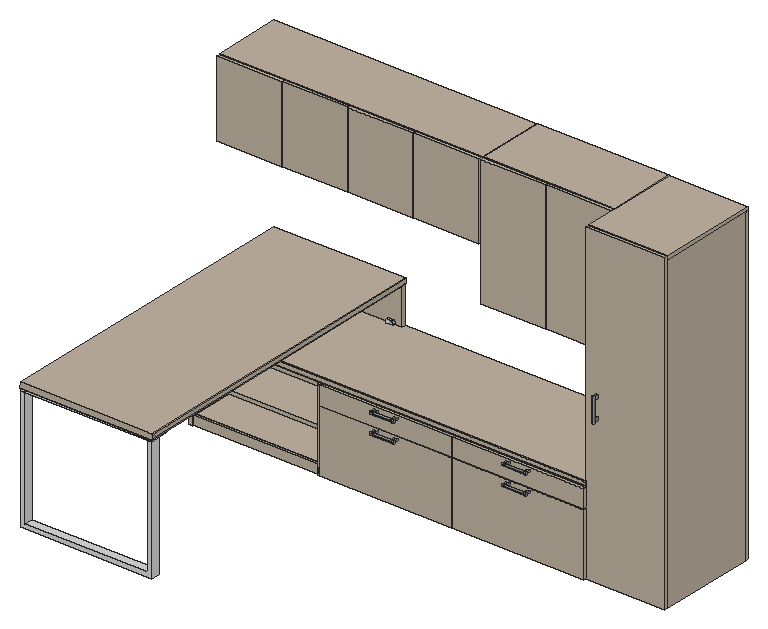
Revit family "JSI-Vision-Typical_Laminate-VST107", category Furniture, Revit 2020 (continued)
Definition of nested family "JSI-Vision-Rectangle_Desk_Top"
  Automatic sketch dimensions
    Extrusion 1 sketch curve to plane 7 = 0"
    Extrusion 1 sketch curve to plane 1 "Center Front/Back" = 0"
    Extrusion 1 sketch curve to Extrusion 1 sketch curve = 0.11811"
    plane 6 to Extrusion 1 sketch curve = 0.11811"
Definition of nested family "JSI-Vision-Open_Shelf_Modular_Bench_Pedestal"
  Parameters (values of type "Type Catalog")
    Width = 18"
    URL = "www.jsifurniture.com"
    Top = none
    Tag = "OS"
    Series = "Vision Casegoods"  # constant formula
    Model = "Type Catalog"
    Manufacturer = "JSI"  # constant formula
    Keynote = "12500"
    JSI Enviromental Website = "http://www.jsifurniture.com/jsi_sustainability_intro.php"
    Height = 18 3/4"
    Description = "Type Catalog"
    Depth = 18"
    Default Elevation = 0"
    Chassis = none
    Assembly Code = "E2020200"
  Reference planes (in)
    plane 1 "Center Front/Back": y = 0
    plane 2: z = 0
    plane 3 "Center Left/Right": x = 0
    plane 4: x = 18
    plane 5: x = 0.18716
    plane 6: x = 17.81244
    plane 7: z = 9.375
    plane 8: x = 0.75
    plane 9: x = 17.126
    plane 10: y = -0.8125
    plane 11: y = -17.25
    plane 12: x = 9
    plane 13: z = 18.8591
    plane 14: z = 18.75
    plane 15: z = 8.625
    plane 16: z = 1.9375
    plane 17: z = 1.1875
    plane 18: y = -17.875
    plane 19: y = -16.25
    plane 20: y = -17
    plane 21: y = -18
    plane 22: z = 18.1091
  Forms (in)
    Extrusion 1, solid, material <- "Chassis"
      sketch origin (0.125, -0.1875, 48) x (0, 1, 0) y (0, 0, 1)
        loop
          line (0.1875, -29.1409) -> (-17.0625, -29.1409) -> (-17.0625, -48) -> (0.1875, -48) -> (0.1875, -29.1409)
      from -0.125 to 0.625
    Extrusion 2, solid, material <- "Chassis"
      sketch origin (29.875, -0.1875, 48) x (0, 1, 0) y (0, 0, 1)
        loop
          line (0.1875, -29.1409) -> (-17.0625, -29.1409) -> (-17.0625, -48) -> (0.1875, -48) -> (0.1875, -29.1409)
      from -12.749 to -11.875
    Extrusion 3, solid, material <- "Chassis"
      sketch origin (0, 0, 0) x (1, 0, 0) y (0, 1, 0)
        loop
          line (0.75, -16.25) -> (0.75, -17) -> (17.126, -17) -> (17.126, -16.25) -> (0.75, -16.25)
      from 0 to 1.9375
    Extrusion 4, solid, material <- "Chassis"
      sketch origin (0, 0, 0) x (0, 1, 0) y (0, 0, 1)
        loop
          line (-16.25, 9.375) -> (-16.25, 8.625) -> (-0.25, 8.625) -> (-0.25, 9.375) -> (-16.25, 9.375)
        loop
          line (0, 18.1091) -> (0, 18.8591) -> (-17.25, 18.8591) -> (-17.25, 18.1091) -> (0, 18.1091)
        loop
          line (0, 1.1875) -> (0, 1.9375) -> (-16.25, 1.9375) -> (-16.25, 1.1875) -> (0, 1.1875)
      from 0.75 to 17.126
    Extrusion 5, solid, material <- "Chassis"
      sketch origin (0, 0, 0) x (0, 1, 0) y (0, 0, 1)
        loop
          line (0, 18.1091) -> (-0.25, 18.1091) -> (-0.25, 1.9375) -> (0, 1.9375) -> (0, 18.1091)
      from 0.75 to 17.126
  Lines and regions (in)
    symbolic lines
      curve 1: line (0, -17.875, 0) -> (0, 0, 0)
      curve 2: line (18, -17.875, 0) -> (0, -17.875, 0)
      curve 3: line (18, 0, 0) -> (18, -17.875, 0)
    symbolic lines, detail levels medium+fine
      curve 4: line (0, 0, 0) -> (18, 0, 0)
  Dimensions and locks (in)
    locked: plane 14 to plane 13 at 0.1091
    plane 9 to plane 6 to plane 4 = 0.68644" locked, 0.18756" locked
    plane 3 "Center Left/Right" to plane 5 to plane 8 = 0.18716" locked, 0.56284" locked
    "Width": plane 3 "Center Left/Right" to plane 4
    equal spacing: plane 3 "Center Left/Right", plane 12, plane 4
    locked: plane 1 "Center Front/Back" to plane 10 at 0.8125
    plane 16 to plane 17 to level = 3/4" locked, 1 3/16" locked
    plane 19 to plane 20 to plane 11 to plane 18 to plane 21 = 3/4" locked, 1/4" locked, 5/8" locked, 1/8" locked
    "Depth": plane 1 "Center Front/Back" to plane 21
    locked: plane 13 to plane 22 at 0.75
    "Height": level to plane 14
    locked: plane 1 "Center Front/Back" to Extrusion 5 sketch curve at 0.25
    locked: plane 1 "Center Front/Back" to Extrusion 4 sketch curve at 0.25
    aligned and locked: level to plane 2
    aligned and locked: Extrusion 1 sketch curve to level
    aligned and locked: level to Extrusion 2 sketch curve
    aligned and locked: plane 8 to Extrusion 3 sketch curve
    aligned and locked: plane 12 to nested 1
    aligned and locked: plane 3 "Center Left/Right" to curve 1
    aligned and locked: curve 3 to plane 4
    aligned and locked: plane 7 to Extrusion 4 sketch curve
    aligned and locked: Extrusion 4 sketch curve to plane 15
    aligned and locked: Extrusion 4 to plane 8
    aligned and locked: plane 9 to Extrusion 4
    aligned and locked: plane 19 to Extrusion 3
    aligned and locked: Extrusion 3 to plane 20
    aligned and locked: Extrusion 4 to plane 19
    aligned and locked: plane 13 to Extrusion 4 sketch curve
    aligned and locked: Extrusion 4 sketch curve to plane 11
    aligned and locked: plane 16 to Extrusion 4 sketch curve
    aligned and locked: Extrusion 4 sketch curve to plane 17
    aligned and locked: Extrusion 4 sketch curve to plane 19
    aligned and locked: plane 18 to curve 2
    aligned and locked: nested 1 to plane 21
    aligned and locked: Extrusion 4 to plane 22
    aligned and locked: Extrusion 1 to plane 1 "Center Front/Back"
    aligned and locked: Extrusion 2 to plane 1 "Center Front/Back"
    aligned and locked: Extrusion 4 sketch curve to plane 1 "Center Front/Back"  (x2)
    aligned and locked: plane 1 "Center Front/Back" to Extrusion 5 sketch curve
    aligned and locked: plane 16 to Extrusion 5 sketch curve
    aligned and locked: Extrusion 5 sketch curve to plane 22
    aligned and locked: Extrusion 5 to plane 8
    aligned and locked: plane 9 to Extrusion 5
    aligned and locked: plane 1 "Center Front/Back" to curve 4
    aligned and locked: Extrusion 2 to plane 9
    aligned and locked: plane 4 to Extrusion 2
  Automatic sketch dimensions
    Extrusion 3 sketch curve to plane 9 = 0"
    plane 11 to Extrusion 1 sketch curve = 0"
    plane 11 to Extrusion 2 sketch curve = 0"
    plane 18 to Extrusion 3 sketch curve = 7/8"
    plane 11 to Extrusion 3 sketch curve = 1"
    Extrusion 1 sketch curve to plane 13 = 0"
    Extrusion 2 sketch curve to plane 13 = 0"
    plane 10 to Extrusion 1 sketch curve = 13/16"
    plane 10 to Extrusion 2 sketch curve = 13/16"
    Extrusion 4 sketch curve to plane 19 = 0"
    Extrusion 4 sketch curve to plane 22 = 0"
  Nested families (in)
    nested 1: "Label 1-16" at (9, -18, 0), type "DRWCFG"
  Definition of nested family "Label 1-16"
    Parameters
      Width = 1"
      Model Name = "FF"
    Reference planes (in)
      plane 1: y = 0
      plane 2: x = 0
    Text (in)
      label "XX" at (0.00051, -0.12324, 0), shows "Model Name"
Definition of nested family "JSI-Vision-Bench_Height_Modular_Top"
  Parameters (values of type "Type Catalog")
    Worksurface = none
    Width = 42"
    URL = "www.jsifurniture.com"
    Type Comments = ""
    Series = "Vision Casegoods"  # constant formula
    Model = "Type Catalog"
    Material = ""
    Manufacturer = "JSI"  # constant formula
    Keynote = "12500"
    JSI Enviromental Website = "http://www.jsifurniture.com/jsi_sustainability_intro.php"
    Height = 19 1/2"
    Description = "Type Catalog"
    Depth = 30"
    Default Elevation = 0"
    Assembly Code = "E2020200"
  Reference planes (in)
    plane 1 "Center Front/Back": y = 0
    plane 2: z = 0
    plane 3 "Center Left/Right": x = 0
    plane 4: z = 0
    plane 5: x = 42
    plane 6: y = -30
    plane 7: z = 20.6875
    plane 8: z = 19.5
  Forms (in)
    Extrusion 1, solid, material <- "Worksurface"
      sketch origin (0, 0, 28) x (0, 1, 0) y (0, 0, 1)
        loop
          line (-29.88189, -8.5) -> (0, -8.5) -> (0, -7.3125) -> (-29.88189, -7.3125)
          arc (-29.88189, -7.3125) -> (-29.96541, -7.34709) -> (-30, -7.43061) r 0.11811
          line (-30, -7.43061) -> (-30, -8.38189)
          arc (-30, -8.38189) -> (-29.96541, -8.46541) -> (-29.88189, -8.5) r 0.11811
      from 0 to 42
  Lines and regions (in)
    symbolic lines
      curve 1: line (0, 0, 0) -> (42, 0, 0)
      curve 2: line (0, -30, 0) -> (0, 0, 0)
      curve 3: line (42, -30, 0) -> (0, -30, 0)
      curve 4: line (42, 0, 0) -> (42, -30, 0)
  Dimensions and locks (in)
    "Depth": plane 6 to plane 1 "Center Front/Back"
    "Width": plane 5 to plane 3 "Center Left/Right"
    locked: plane 7 to plane 8 at 1.1875
    "Height": plane 8 to level
    aligned and locked: level to plane 2
    aligned and locked: plane 5 to Extrusion 1
    aligned and locked: curve 1 to Extrusion 1
    aligned and locked: curve 2 to Extrusion 1
    aligned and locked: plane 6 to curve 3
    aligned and locked: curve 4 to plane 5
    aligned and locked: Extrusion 1 to plane 8
    aligned and locked: Extrusion 1 to plane 7
  Automatic sketch dimensions
    Extrusion 1 sketch curve to plane 6 = 0"
    level to Extrusion 1 sketch curve = 19 1/2"
    Extrusion 1 sketch curve to plane 7 = 0"
    Extrusion 1 sketch curve to plane 1 "Center Front/Back" = 0"
    Extrusion 1 sketch curve to Extrusion 1 sketch curve = 0.11811"
    plane 6 to Extrusion 1 sketch curve = 0.11811"
Definition of nested family "JSI-Vision-Box_File_Modular_Bench_Pedestal"
  Parameters (values of type "Type Catalog")
    Width = 18"
    URL = "www.jsifurniture.com"
    Top = none
    Tag = "BF"
    Series = "Vision Casegoods"  # constant formula
    Pull Finish = none
    Model = "Type Catalog"
    Manufacturer = "JSI"  # constant formula
    Keynote = "12500"
    JSI Enviromental Website = "http://www.jsifurniture.com/jsi_sustainability_intro.php"
    Height = 18 3/4"
    Description = "Type Catalog"
    Depth = 18"
    Default Elevation = 0"
    Chassis = none
    Drawer Front = none
    Assembly Code = "E2020200"
  Reference planes (in)
    plane 1 "Center Front/Back": y = 0
    plane 2: z = 0
    plane 3 "Center Left/Right": x = 0
    plane 4: x = 18
    plane 5: y = -17.12
    plane 6: y = -17.25
    plane 7: x = 0.0625
    plane 8: x = 17.9375
    plane 9: y = -18
    plane 10: z = 0.14
    plane 11: z = 14.3909
    plane 12: z = 14.5159
    plane 13: x = 0.75
    plane 14: x = 17.25
    plane 15: y = -0.75
    plane 16: y = -16.37913
    plane 17: x = 9
    plane 18: z = 18.75
    plane 19: z = 18.6409
    plane 20: z = 18
  Forms (in)
    Extrusion 1, solid, material <- "Chassis"
      sketch origin (0.125, -0.1875, 48) x (0, 1, 0) y (0, 0, 1)
        loop
          line (-0.5625, -29.25) -> (-16.9325, -29.25) -> (-16.9325, -48) -> (-0.5625, -48) -> (-0.5625, -29.25)
      from -0.125 to 0.625
    Extrusion 2, solid, material <- "Chassis"
      sketch origin (29.875, -0.1875, 48) x (0, 1, 0) y (0, 0, 1)
        loop
          line (-0.5625, -29.25) -> (-16.9325, -29.25) -> (-16.9325, -48) -> (-0.5625, -48) -> (-0.5625, -29.25)
      from -12.625 to -11.875
    Extrusion 3, solid, material <- "Drawer Front"
      sketch origin (0, 0, 0) x (1, 0, 0) y (0, 0, 1)
        loop
          line (0.0625, 18.6409) -> (0.0625, 14.5159) -> (17.9375, 14.5159) -> (17.9375, 18.6409) -> (0.0625, 18.6409)
        loop
          line (0.0625, 14.3909) -> (0.0625, 0.14) -> (17.9375, 0.14) -> (17.9375, 14.3909) -> (0.0625, 14.3909)
      from 17.25 to 18
    Extrusion 4, solid, material <- "Chassis"
      sketch origin (0, 0, 0) x (1, 0, 0) y (0, 1, 0)
        loop
          line (0.75, -16.37913) -> (0.75, -17.12) -> (17.25, -17.12) -> (17.25, -16.37913) -> (0.75, -16.37913)
      from 0 to 1.9375
    Extrusion 5, solid, material <- "Top"
      sketch origin (0, 0, 0) x (0, 1, 0) y (0, 0, 1)
        loop
          line (-1.5, 18.75) -> (-17.12, 18.75) -> (-17.12, 18) -> (-1.5, 18) -> (-1.5, 18.75)
      from 0.75 to 17.25
    Extrusion 6, solid, material <- "Chassis"
      sketch origin (0, 0, 0) x (0, 1, 0) y (0, 0, 1)
        loop
          line (-1.5, 13.75) -> (-0.75, 13.75) -> (-0.75, 18.75) -> (-1.5, 18.75) -> (-1.5, 13.75)
        loop
          line (-1.5, 0) -> (-0.75, 0) -> (-0.75, 5) -> (-1.5, 5) -> (-1.5, 0)
      from 0.75 to 17.25
  Lines and regions (in)
    symbolic lines
      curve 1: line (0, 0, 0) -> (18, 0, 0)
      curve 2: line (0, -17.12, 0) -> (0, 0, 0)
      curve 3: line (18, -17.12, 0) -> (0, -17.12, 0)
      curve 4: line (18, 0, 0) -> (18, -17.12, 0)
      curve 5: line (0.0625, -17.25, 0) -> (17.9375, -17.25, 0)
      curve 6: line (0.0625, -18, 0) -> (0.0625, -17.25, 0)
      curve 7: line (17.9375, -18, 0) -> (0.0625, -18, 0)
      curve 8: line (17.9375, -17.25, 0) -> (17.9375, -18, 0)
  Dimensions and locks (in)
    plane 16 to plane 5 to plane 6 to plane 9 = 0.74087" locked, 0.13" locked, 3/4" locked
    "Depth": plane 1 "Center Front/Back" to plane 9
    locked: plane 19 to plane 18 at 0.1091
    "Width": plane 3 "Center Left/Right" to plane 4
    equal spacing: plane 3 "Center Left/Right", plane 17, plane 4
    plane 1 "Center Front/Back" to plane 15 = 3/4"
    "Height": plane 18 to level
    locked: plane 18 to plane 20 at 0.75
    locked: plane 12 to plane 11 at 0.125
    plane 19 to plane 12 to plane 10 to plane 2 = 4 1/8" locked, 14.3759" locked, 0.14" locked
    plane 3 "Center Left/Right" to plane 7 to plane 13 = 1/16" locked, 11/16" locked
    plane 14 to plane 8 to plane 4 = 11/16" locked, 1/16" locked
    locked: Extrusion 6 sketch curve to plane 2 at 5
    locked: Extrusion 6 sketch curve to plane 18 at 5
    locked: plane 15 to Extrusion 6 sketch curve at 0.75
    locked: Extrusion 3 to nested 2 at 0.75
    locked: Extrusion 3 to nested 1 at 0.75
    aligned and locked: level to plane 2
    aligned and locked: plane 15 to Extrusion 1 sketch curve
    aligned and locked: Extrusion 1 sketch curve to plane 5
    aligned and locked: Extrusion 1 sketch curve to level
    aligned and locked: plane 13 to Extrusion 1
    aligned and locked: Extrusion 2 sketch curve to plane 15
    aligned and locked: level to Extrusion 2 sketch curve
    aligned and locked: plane 5 to Extrusion 2 sketch curve
    aligned and locked: Extrusion 3 sketch curve to plane 7  (x2)
    aligned and locked: plane 8 to Extrusion 3 sketch curve  (x2)
    aligned and locked: plane 12 to Extrusion 3 sketch curve
    aligned and locked: Extrusion 3 sketch curve to plane 11
    aligned and locked: plane 10 to Extrusion 3 sketch curve
    aligned and locked: Extrusion 3 to plane 9
    aligned and locked: plane 6 to Extrusion 3
    aligned and locked: Extrusion 4 sketch curve to plane 16
    aligned and locked: plane 13 to Extrusion 4 sketch curve
    aligned and locked: nested 1 to plane 9
    aligned and locked: nested 2 to plane 9
    aligned and locked: nested 2 to plane 17
    aligned and locked: nested 1 to plane 17
    aligned and locked: plane 17 to nested 3
    aligned and locked: nested 3 to plane 9
    aligned and locked: plane 18 to Extrusion 2
    aligned and locked: plane 18 to Extrusion 1
    aligned and locked: plane 19 to Extrusion 3 sketch curve
    aligned and locked: Extrusion 1 to plane 3 "Center Left/Right"
    aligned and locked: plane 3 "Center Left/Right" to curve 2
    aligned and locked: plane 1 "Center Front/Back" to curve 1
    aligned and locked: plane 4 to Extrusion 2
    aligned and locked: curve 4 to plane 4
    aligned and locked: Extrusion 5 sketch curve to plane 18
    aligned and locked: Extrusion 2 to plane 14
    aligned and locked: Extrusion 5 to plane 5
    aligned and locked: plane 14 to Extrusion 5
    aligned and locked: Extrusion 6 sketch curve to Extrusion 6 sketch curve  (x2)
    aligned and locked: plane 15 to Extrusion 6 sketch curve
    aligned and locked: plane 18 to Extrusion 6 sketch curve
    aligned and locked: Extrusion 6 sketch curve to plane 2
    aligned and locked: Extrusion 6 to Extrusion 5 sketch curve
    aligned and locked: Extrusion 6 to plane 13
    aligned and locked: plane 14 to Extrusion 6
  Automatic sketch dimensions
    Extrusion 4 sketch curve to plane 5 = 0"
    Extrusion 4 sketch curve to plane 14 = 0"
    curve 6 to plane 6 = 0"
    curve 6 to plane 7 = 0"
    curve 5 to plane 8 = 0"
    curve 6 to plane 9 = 0"
    curve 2 to plane 5 = 0"
    Extrusion 1 sketch curve to plane 18 = 0"
    Extrusion 2 sketch curve to plane 18 = 0"
    Extrusion 5 sketch curve to Extrusion 5 sketch curve = 3/4"
    plane 9 to Extrusion 5 sketch curve = 0.88"
  Nested families (in)
    nested 1: "Bar Pull" at (9, -18, 13.6409), Pull Finish <- "Pull Finish", type "PL"
      with Pull Finish none
    nested 2: "Bar Pull" at (9, -18, 17.8909), Pull Finish <- "Pull Finish", type "PL"
      with Pull Finish none
    nested 3: "Label 1-16" at (9, -18, 0), type "DRWCFG"
  Definition of nested family "Bar Pull"
    Parameters
      Pull Finish [instance] = none
      Default Elevation = 0"
    Reference planes (in)
      plane 1 "Center Front/Back": y = 0
      plane 2: z = 0
      plane 3 "Center Left/Right": x = 0
      plane 4: x = -2.68731
      plane 5: x = -1.88731
      plane 6: x = 2.68731
      plane 7: x = 1.88731
      plane 8: y = -1
      plane 9: y = -0.85202
    Forms (in)
      Extrusion 1, solid, material <- "Pull Finish"
        sketch origin (0, 0, 0) x (0, 1, 0) y (0, 0, 1)
          loop
            line (0, -0.2015) -> (0, 0.2015) -> (-0.85202, 0.2015)
            arc (-0.85202, 0.2015) -> (-0.75, 0) -> (-0.85202, -0.2015) r 0.25
            line (-0.85202, -0.2015) -> (0, -0.2015)
        from 1.88731 to 2.68731
      Extrusion 2, solid, material <- "Pull Finish"
        sketch origin (0, 0, 0) x (0, 1, 0) y (0, 0, 1)
          loop
            circle (-1, 0) r 0.25
        from -2.68731 to 2.68731
      Extrusion 3, solid, material <- "Pull Finish"
        sketch origin (0, 0, 0) x (0, 1, 0) y (0, 0, -1)
          loop
            line (0, 0.2015) -> (-0.85202, 0.2015)
            arc (-0.85202, 0.2015) -> (-0.75, 0) -> (-0.85202, -0.2015) r 0.25
            line (-0.85202, -0.2015) -> (0, -0.2015) -> (0, 0.2015)
        from 1.88731 to 2.68731
    Dimensions and locks (in)
      plane 4 to plane 5 to plane 3 "Center Left/Right" to plane 7 to plane 6 = 0.8" locked, 1.88731" locked, 1.88731" locked, 0.8" locked
      plane 8 to plane 9 to plane 1 "Center Front/Back" = 0.14798" locked, 0.85202" locked
      aligned and locked: level to plane 2
      aligned and locked: plane 4 to Extrusion 3
      aligned and locked: Extrusion 3 to plane 5
      aligned and locked: plane 4 to Extrusion 2
      aligned and locked: Extrusion 1 to plane 7
      aligned and locked: plane 6 to Extrusion 1
      aligned and locked: plane 6 to Extrusion 2
      aligned and locked: plane 8 to Extrusion 2 sketch curve
      aligned and locked: Extrusion 3 to plane 1 "Center Front/Back"
      aligned and locked: Extrusion 1 to plane 1 "Center Front/Back"
      aligned and locked: plane 5 to Extrusion 3
      aligned and locked: Extrusion 3 to plane 4
      aligned and locked: Extrusion 2 to plane 4
      aligned and locked: plane 7 to Extrusion 1
      aligned and locked: Extrusion 1 to plane 6
      aligned and locked: Extrusion 2 to plane 6
  Definition of nested family "Label 1-16"
    Parameters
      Width = 1"
      Model Name = "FF"
    Reference planes (in)
      plane 1: y = 0
      plane 2: x = 0
    Text (in)
      label "XX" at (0.00051, -0.12324, 0), shows "Model Name"
Definition of nested family "JSI-Vision-Bench_Height_Support_with_Metal_Braces"
  Parameters (values of type "VSTB1024ASP, Vision Bench Height Support with Metal Braces 8 1/2"H, 30"W")
    Width = 24"
    URL = "www.jsifurniture.com"
    Type Comments = ""
    Support Wood Finish = none
    Series = "Vision Casegoods"  # constant formula
    Model = "VSTB1024ASP"
    Material = ""
    Manufacturer = "JSI"  # constant formula
    Keynote = "12500"  # constant formula
    JSI Enviromental Website = "http://www.jsifurniture.com/jsi_sustainability_intro.php"
    Height = 8 1/2"
    Hardware Finish = none
    Description = "Vision Bench Height Support Laminate with Metal Braces -  3/4\"D x 24\"W x 8 1/2\"H"
    Depth = 3/4"
    Default Elevation = 0"
    Braces Finish = none
    Assembly Code = "E2020200"
  Types (4): name | Width | Model | Description
    VSTB1030ASP, Vision Bench Height Support with Metal Braces 8 1/2"H, 30"W | 30" | "VSTB1030ASP" | "Vision Bench Height Support Laminate with Metal Braces -  3/4\"D x 30\"W x 8 1/2\"H"
    VSTB1024ASP, Vision Bench Height Support with Metal Braces 8 1/2"H, 30"W | 24" | "VSTB1024ASP" | "Vision Bench Height Support Laminate with Metal Braces -  3/4\"D x 24\"W x 8 1/2\"H"
    VSVB1024ASP, Vision Bench Height Support with Metal Braces 8 1/2"H, 30"W | 24" | "VSVB1024ASP" | "Vision Bench Height Support Venner with Metal Braces -  3/4\"D x 24\"W x 8 1/2\"H"
    VSVB1030ASP, Vision Bench Height Support with Metal Braces 8 1/2"H, 30"W | 30" | "VSVB1030ASP" | "Vision Bench Height Support Venner with Metal Braces -  3/4\"D x 30\"W x 8 1/2\"H"
  Reference planes (in)
    plane 1 "Center Front/Back": y = 0
    plane 2: z = 0
    plane 3 "Center Left/Right": x = 0
    plane 4: z = 0
    plane 5: z = 19.5
    plane 6: z = 28
    plane 7: x = 0.75
    plane 8: y = -24
    plane 9: y = -12
    plane 10: y = -12
  Forms (in)
    Extrusion 1, solid, material <- "Support Wood Finish"
      sketch origin (0, 0, 0) x (1, 0, 0) y (0, 1, 0)
        loop
          line (0, -0.1875) -> (0, -23.8125) -> (0.75, -23.8125) -> (0.75, -0.1875) -> (0, -0.1875)
      from 19.5 to 28
    Extrusion 2, solid, material <- "Hardware Finish"
      sketch origin (0, 0, 0) x (0, 1, 0) y (0, 0, 1)
        loop
          arc (-1.86564, 19.52497) -> (-1.84252, 19.53472) -> (-1.83336, 19.55808) r 0.03229
          arc (-1.83336, 19.55808) -> (-1.86769, 19.88335) -> (-1.95317, 20.19905) r 2.05609
          arc (-1.95317, 20.19905) -> (-2.03253, 20.3101) -> (-2.15839, 20.36291) r 0.25
          arc (-2.15839, 20.36291) -> (-2.62208, 20.39096) -> (-3.08578, 20.36291) r 3.84687
          arc (-3.08578, 20.36291) -> (-3.21163, 20.3101) -> (-3.29099, 20.19905) r 0.25
          arc (-3.29099, 20.19905) -> (-3.37647, 19.88335) -> (-3.4108, 19.55808) r 2.05609
          arc (-3.4108, 19.55808) -> (-3.40165, 19.53472) -> (-3.37853, 19.52497) r 0.03229
          line (-3.37853, 19.52497) -> (-1.86564, 19.52497)
        loop
          line (-22.13436, 19.52497) -> (-20.62147, 19.52497)
          arc (-20.62147, 19.52497) -> (-20.59835, 19.53472) -> (-20.5892, 19.55808) r 0.03229
          arc (-20.5892, 19.55808) -> (-20.62353, 19.88335) -> (-20.70901, 20.19905) r 2.05609
          arc (-20.70901, 20.19905) -> (-20.78837, 20.3101) -> (-20.91422, 20.36291) r 0.25
          arc (-20.91422, 20.36291) -> (-21.37792, 20.39096) -> (-21.84161, 20.36291) r 3.84687
          arc (-21.84161, 20.36291) -> (-21.96747, 20.3101) -> (-22.04683, 20.19905) r 0.25
          arc (-22.04683, 20.19905) -> (-22.13231, 19.88335) -> (-22.16664, 19.55808) r 2.05609
          arc (-22.16664, 19.55808) -> (-22.15748, 19.53472) -> (-22.13436, 19.52497) r 0.03229
      from 0.75 to 1.30712
    Extrusion 3, solid, material <- "Braces Finish"
      sketch origin (0, 0, 0) x (0, 1, 0) y (0, 0, 1)
        loop
          line (-7.4375, 25.78125) -> (-7.4375, 27.875)
          arc (-7.4375, 27.875) -> (-7.47411, 27.96339) -> (-7.5625, 28) r 0.125
          line (-7.5625, 28) -> (-8.3125, 28) -> (-8.3125, 27.943) -> (-7.55504, 27.943)
          arc (-7.55504, 27.943) -> (-7.51223, 27.92527) -> (-7.4945, 27.88246) r 0.06054
          line (-7.4945, 27.88246) -> (-7.4945, 25.78125) -> (-7.4375, 25.78125)
        loop
          line (-16.5625, 25.78125) -> (-16.5055, 25.78125) -> (-16.5055, 27.88246)
          arc (-16.5055, 27.88246) -> (-16.48777, 27.92527) -> (-16.44496, 27.943) r 0.06054
          line (-16.44496, 27.943) -> (-15.6875, 27.943) -> (-15.6875, 28) -> (-16.4375, 28)
          arc (-16.4375, 28) -> (-16.52589, 27.96339) -> (-16.5625, 27.875) r 0.125
          line (-16.5625, 27.875) -> (-16.5625, 25.78125)
      from 0.75 to 2.96875
    Extrusion 4, solid, material <- "Braces Finish"
      sketch origin (0, 0, 0) x (1, 0, 0) y (0, 1, 0)
        loop
          line (0.807, -7.4945) -> (0.75, -7.4945) -> (0.75, -8.3125) -> (0.807, -8.3125) -> (0.807, -7.4945)
        loop
          line (0.807, -16.5055) -> (0.807, -15.6875) -> (0.75, -15.6875) -> (0.75, -16.5055) -> (0.807, -16.5055)
      from 25.78125 to 27.75
    Extrusion 5, void
      sketch origin (0, 3, 0) x (1, 0, 0) y (0, 0, 1)
        loop
          line (2.96875, 28) -> (0.75, 25.78125) -> (0.75, 25.71714) -> (3.02938, 25.71714) -> (3.02938, 28) -> (2.96875, 28)
      from 9.98977 to 11.8125
    Extrusion 6, void
      sketch origin (0, -27, 0) x (1, 0, 0) y (0, 0, -1)
        loop
          line (2.96875, -28) -> (3.02938, -28) -> (3.02938, -25.71714) -> (0.75, -25.71714) -> (0.75, -25.78125) -> (2.96875, -28)
      from 9.98977 to 11.8125
  Cuts and joins
    Extrusion 5, Extrusion 6 cuts Extrusion 3
    joined: Extrusion 3, Extrusion 4
  Lines and regions (in)
    symbolic lines
      curve 1: line (0, -0.1875, 0) -> (0.75, -0.1875, 0)
      curve 2: line (0, -23.8125, 0) -> (0, -0.1875, 0)
      curve 3: line (0.75, -23.8125, 0) -> (0, -23.8125, 0)
      curve 4: line (0.75, -0.1875, 0) -> (0.75, -23.8125, 0)
      curve 5: line (0.75, -1.83336, 0) -> (1.30712, -1.83336, 0)
      curve 6: line (1.30712, -1.83336, 0) -> (1.30712, -3.4108, 0)
      curve 7: line (1.30712, -3.4108, 0) -> (0.75, -3.4108, 0)
      curve 8: line (0.75, -20.5892, 0) -> (1.30712, -20.5892, 0)
      curve 9: line (1.30712, -20.5892, 0) -> (1.30712, -22.16665, 0)
      curve 10: line (1.30712, -22.16665, 0) -> (0.75, -22.16665, 0)
      curve 11: line (2.96875, -15.6875, 0) -> (0.75, -15.6875, 0)
      curve 12: line (2.96875, -16.44805, 0) -> (2.96875, -15.6875, 0)
      curve 13: spline (2.84403, -16.5599, 0) -> (2.8574, -16.56165, 0) -> (2.87081, -16.56114, 0) -> (2.88409, -16.55836, 0) -> (2.89704, -16.55337, 0) -> (2.90947, -16.54623, 0) -> (2.92122, -16.53704, 0) -> (2.9321, -16.52593, 0) -> (2.94197, -16.51307, 0) -> (2.95069, -16.49864, 0) -> (2.95812, -16.48284, 0) -> (2.96417, -16.46589, 0) -> (2.96875, -16.44805, 0)
      curve 14: line (0.75, -16.5625, 0) -> (2.84375, -16.5625, 0)
      curve 15: line (2.84375, -7.4375, 0) -> (0.75, -7.4375, 0)
      curve 16: spline (2.96875, -7.55195, 0) -> (2.96417, -7.53411, 0) -> (2.95812, -7.51716, 0) -> (2.95069, -7.50136, 0) -> (2.94197, -7.48693, 0) -> (2.9321, -7.47407, 0) -> (2.92122, -7.46296, 0) -> (2.90947, -7.45377, 0) -> (2.89704, -7.44663, 0) -> (2.88409, -7.44164, 0) -> (2.87081, -7.43886, 0) -> (2.8574, -7.43835, 0) -> (2.84403, -7.4401, 0)
      curve 17: line (2.96875, -8.3125, 0) -> (2.96875, -7.55195, 0)
      curve 18: line (0.75, -8.3125, 0) -> (2.96875, -8.3125, 0)
  Dimensions and locks (in)
    "Depth": plane 3 "Center Left/Right" to plane 7
    "Width": plane 1 "Center Front/Back" to plane 8
    locked: Extrusion 1 sketch curve to plane 1 "Center Front/Back" at 0.1875
    locked: Extrusion 1 sketch curve to plane 8 at 0.1875
    "Height": plane 6 to plane 5
    locked: plane 5 to plane 4 at 19.5
    plane 1 "Center Front/Back" to Extrusion 2 sketch curve to Extrusion 2 sketch curve to Extrusion 2 sketch curve to Extrusion 2 sketch curve to Extrusion 2 sketch curve to Extrusion 2 sketch curve to Extrusion 2 sketch curve = 1.35538" locked, 0.51026" locked, 0.32289" locked, 0.43356" locked, 0.43356" locked, 0.32289" locked, 0.51026" locked
    Extrusion 2 sketch curve to Extrusion 2 sketch curve to Extrusion 2 sketch curve to plane 5 to Extrusion 2 sketch curve = 0.55747" locked, 0.05169" locked, 0.00556" locked, 2.95591" locked  (x2)
    Extrusion 2 sketch curve to Extrusion 2 sketch curve to Extrusion 2 sketch curve to Extrusion 2 sketch curve to Extrusion 2 sketch curve to Extrusion 2 sketch curve to Extrusion 2 sketch curve to plane 8 = 0.51026" locked, 0.32289" locked, 0.43356" locked, 0.43356" locked, 0.32289" locked, 0.51026" locked, 1.35538" locked
    locked: Extrusion 2 to plane 7 at 0.55712
    locked: Extrusion 3 to plane 7 at 2.21875
    locked: Extrusion 1 to Extrusion 4 sketch curve at 0.057
    Extrusion 3 sketch curve to Extrusion 3 sketch curve to Extrusion 3 sketch curve to plane 10 to Extrusion 3 sketch curve to Extrusion 3 sketch curve to Extrusion 3 sketch curve = 0.057" locked, 0.818" locked, 3 11/16" locked, 3 11/16" locked, 0.818" locked, 0.057" locked
    plane 6 to Extrusion 3 sketch curve to Extrusion 3 sketch curve = 0.057" locked, 2.16175" locked
    Extrusion 4 sketch curve to Extrusion 4 sketch curve to plane 9 to Extrusion 4 sketch curve to Extrusion 4 sketch curve = 0.818" locked, 3 11/16" locked, 3 11/16" locked, 0.818" locked
    equal spacing: plane 8, plane 9, plane 1 "Center Front/Back"
    equal spacing: plane 8, plane 10, plane 1 "Center Front/Back"
    Extrusion 5 to Extrusion 5 to plane 10 to Extrusion 6 to Extrusion 6 = 1.82273" locked, 3 3/16" locked, 3 3/16" locked, 1.82273" locked
    aligned and locked: level to plane 2
    aligned and locked: plane 3 "Center Left/Right" to Extrusion 1 sketch curve
    aligned and locked: plane 7 to Extrusion 1 sketch curve
    aligned and locked: plane 6 to Extrusion 1
    aligned and locked: Extrusion 1 to plane 5
    aligned and locked: plane 7 to Extrusion 2
    aligned and locked: plane 7 to Extrusion 3
    aligned and locked: Extrusion 4 sketch curve to Extrusion 1
    aligned and locked: Extrusion 4 to Extrusion 3
    aligned and locked: plane 6 to Extrusion 3 sketch curve
    aligned and locked: Extrusion 3 sketch curve to plane 6
    aligned and locked: Extrusion 3 sketch curve to Extrusion 3 sketch curve
    aligned and locked: curve 1 to Extrusion 1
    aligned and locked: curve 2 to Extrusion 1
    aligned and locked: curve 3 to Extrusion 1
    aligned and locked: curve 4 to Extrusion 1
    aligned and locked: curve 11 to cut or joined group of Extrusion 3, Extrusion 4, Extrusion 5, Extrusion 6
    aligned and locked: curve 14 to cut or joined group of Extrusion 3, Extrusion 4, Extrusion 5, Extrusion 6
    aligned and locked: cut or joined group of Extrusion 3, Extrusion 4, Extrusion 5, Extrusion 6 to curve 15
    aligned and locked: curve 18 to cut or joined group of Extrusion 3, Extrusion 4, Extrusion 5, Extrusion 6
  Automatic sketch dimensions
    curve 8 to curve 9 = 0.55712"
    curve 7 to curve 7 = 0.55712"
    curve 11 to curve 11 = 2 7/32"
    curve 3 to curve 10 = 1.64585"
    curve 9 to curve 8 = 1.57745"
    curve 14 to curve 12 = 0.11445"
    curve 17 to curve 15 = 0.11445"
    curve 7 to curve 1 = 3.2233"
    curve 6 to curve 5 = 1.57744"
    curve 14 to curve 12 = 1/8"
    curve 15 to curve 16 = 1/8"
    curve 14 to curve 13 = 0.00028"
    curve 15 to curve 16 = 0.00028"
    curve 16 to curve 16 = 0.01703"
    curve 13 to curve 13 = 0.01703"
    curve 14 to curve 13 = 0.00076"
    curve 14 to curve 13 = 0.0026"
    curve 16 to curve 16 = 0.04517"
    curve 16 to curve 15 = 0.0026"
    plane 5 to Extrusion 2 sketch curve = 0.00556"  (x2)
    plane 5 to Extrusion 2 sketch curve = 0.02497"  (x2)
    Extrusion 2 sketch curve to Extrusion 2 sketch curve = 0.03229"  (x2)
    plane 5 to Extrusion 2 sketch curve = 0.61473"  (x2)
    Extrusion 2 sketch curve to Extrusion 2 sketch curve = 0"  (x10)
    Extrusion 3 sketch curve to plane 6 = 0.057"
    Extrusion 3 sketch curve to Extrusion 3 sketch curve = 0.06054"
    Extrusion 3 sketch curve to Extrusion 3 sketch curve = 0.00746"  (x2)
    Extrusion 3 sketch curve to Extrusion 3 sketch curve = 0.068"
    Extrusion 4 sketch curve to plane 7 = 0"
    Extrusion 4 sketch curve to plane 7 = 0.057"
    plane 7 to Extrusion 5 sketch curve = 0"
    Extrusion 5 sketch curve to plane 6 = 0"
    Extrusion 5 sketch curve to plane 7 = 2 7/32"
    Extrusion 5 sketch curve to Extrusion 5 sketch curve = 0.06063"
    Extrusion 5 sketch curve to plane 6 = 2 7/32"
    Extrusion 5 sketch curve to Extrusion 5 sketch curve = 0.06411"
    plane 7 to Extrusion 6 sketch curve = 0"
    Extrusion 6 sketch curve to plane 6 = 0"
    Extrusion 6 sketch curve to plane 7 = 2 7/32"
    Extrusion 6 sketch curve to Extrusion 6 sketch curve = 0.06063"
    Extrusion 6 sketch curve to plane 6 = 2 7/32"
    Extrusion 6 sketch curve to Extrusion 6 sketch curve = 0.06411"
    curve 18 to curve 17 = 2 7/32"
Definition of nested family "JSI-Vision-Metal_Rectangular_Base"
  Parameters (values of type "VSB3028FSQ, Metal Rectangular Base for Peninsula 28 5/16"H")
    Width = 29 13/16"
    URL = "www.jsifurniture.com"
    Type Comments = ""
    Series = "Vision Casegoods"  # constant formula
    Model = "VSB3028FSQ"
    Manufacturer = "JSI"  # constant formula
    Keynote = "12500"  # constant formula
    JSI Enviromental Website = "http://www.jsifurniture.com/jsi_sustainability_intro.php"
    Height = 28 5/16"
    Glide Finish = none
    Depth = 2"
    Default Elevation = 0"
    Base Finish = none
    Description = "Metal Rectangular Base for Peninsula 29 13/16\"W x 2\"D x 28 5/16\"H"
    Assembly Code = "E2020200"
  Reference planes (in)
    plane 1 "Center Front/Back": y = 0
    plane 2: z = 0
    plane 3 "Center Left/Right": x = 0
    plane 4: z = 0
    plane 5: z = 28.3125
    plane 6: x = -3
    plane 7: x = -1
    plane 8: y = -29.8125
    plane 9: x = 1
    plane 10: z = 28.0625
    plane 11: y = -2
    plane 12: y = -27.8125
  Forms (in)
    Sweep 1, solid, material <- "Base Finish"
      path origin (0, 0, 0) x (0, 1, 0) y (0, 0, 1)
        loop
          line (-29.8125, 28.0625) -> (-29.8125, 0.25) -> (0, 0.25) -> (0, 28.0625)
      profile origin (0, -29.8125, 14.15625) x (1, 0, 0) y (0, 1, 0)
        loop
          line (-1, 1) -> (-1, 0) -> (1, 0) -> (1, 1) -> (-1, 1)
    Extrusion 2, solid, material <- "Base Finish"
      sketch origin (0, 0, 0) x (1, 0, 0) y (0, 1, 0)
        loop
          line (-3, 0) -> (-3, -29.8125) -> (1, -29.8125) -> (1, 0) -> (-3, 0)
      from 28.3125 to 28.0625
    Revolve 3, solid, material <- "Glide Finish"
      sketch origin (0, 0, 0) x (0, 1, 0) y (0, 0, 1)
        loop
          line (-2, 0.75) -> (-2, 0) -> (-1.76145, 0)
          arc (-1.76145, 0) -> (-1.7185, 0.01649) -> (-1.69761, 0.05748) r 0.06418
          line (-1.69761, 0.05748) -> (-1.67738, 0.25) -> (-1.90202, 0.25) -> (-1.90202, 0.75) -> (-2, 0.75)
        axis (-2, 0.75) -> (-2, 0)
      angle from 0 to 360
    Revolve 4, solid, material <- "Glide Finish"
      sketch origin (0, 0, 0) x (0, 1, 0) y (0, 0, 1)
        loop
          line (-27.8125, 0.75) -> (-27.8125, 0) -> (-27.57395, 0)
          arc (-27.57395, 0) -> (-27.531, 0.01649) -> (-27.51011, 0.05748) r 0.06418
          line (-27.51011, 0.05748) -> (-27.48988, 0.25) -> (-27.71452, 0.25) -> (-27.71452, 0.75) -> (-27.8125, 0.75)
        axis (-27.8125, 0.75) -> (-27.8125, 0)
      angle from 0 to 360
  Lines and regions (in)
    symbolic lines
      curve 1: line (-3, 0, 0) -> (-3, -29.8125, 0)
      curve 2: line (-3, -29.8125, 0) -> (1, -29.8125, 0)
      curve 3: line (1, -29.8125, 0) -> (1, 0, 0)
      curve 4: line (1, 0, 0) -> (-3, 0, 0)
      curve 5: line (-1, 0, 0) -> (-1, -29.8125, 0)
  Dimensions and locks (in)
    equal spacing: plane 7, plane 3 "Center Left/Right", plane 9, locked at 1 each
    "Width": plane 1 "Center Front/Back" to plane 8
    "Height": plane 5 to plane 4
    locked: plane 10 to plane 5 at 0.25
    locked: Sweep 1 sketch curve to plane 4 at 0.25
    locked: plane 8 to Sweep 1 sketch curve at 1
    locked: plane 1 "Center Front/Back" to plane 11 at 2
    locked: plane 12 to plane 8 at 2
    Revolve 3 sketch curve to Revolve 3 sketch curve to Revolve 3 sketch curve to plane 4 = 1/2" locked, 0.18582" locked, 0.06418" locked
    plane 11 to Revolve 3 sketch curve to Revolve 3 sketch curve to Revolve 3 sketch curve = 0.09798" locked, 0.14057" locked, 0.08407" locked
    Revolve 4 sketch curve to Revolve 4 sketch curve to Revolve 4 sketch curve = 1/2" locked, 0.18582" locked
    Revolve 4 sketch curve to Revolve 4 sketch curve to Revolve 4 sketch curve to Revolve 4 sketch curve = 0.09798" locked, 0.14057" locked, 0.08407" locked
    "Depth": plane 7 to plane 9
    locked: plane 6 to plane 7 at 2
    aligned and locked: level to plane 2
    aligned and locked: plane 10 to Sweep 1 sketch curve  (x2)
    aligned and locked: plane 9 to Sweep 1 sketch curve
    aligned and locked: plane 8 to Sweep 1 sketch curve
    aligned and locked: Extrusion 2 sketch curve to plane 1 "Center Front/Back"
    aligned and locked: Extrusion 2 sketch curve to plane 8
    aligned and locked: Extrusion 2 sketch curve to plane 9
    aligned and locked: Revolve 3 sketch curve to plane 11
    aligned and locked: plane 11 to Revolve 3 sketch curve
    aligned and locked: plane 12 to Revolve 4 sketch curve  (x2)
    aligned and locked: plane 3 "Center Left/Right" to Revolve 3
    aligned and locked: plane 3 "Center Left/Right" to Revolve 4
    aligned and locked: Sweep 1 sketch curve to plane 7
    aligned and locked: plane 6 to Extrusion 2
    aligned and locked: Extrusion 2 to plane 9
    aligned and locked: curve 1 to Extrusion 2
    aligned and locked: curve 2 to Extrusion 2
    aligned and locked: curve 3 to Extrusion 2
    aligned and locked: curve 4 to Extrusion 2
    aligned and locked: curve 5 to Sweep 1
  Automatic sketch dimensions
    Sweep 1 sketch curve to plane 8 = 0"
    Sweep 1 sketch curve to plane 1 "Center Front/Back" = 0"
    Extrusion 2 sketch curve to plane 8 = 0"
    Revolve 3 sketch curve to level = 0"
    level to Revolve 3 sketch curve = 0.05748"
    Revolve 3 sketch curve to level = 0.22225"
    Revolve 3 sketch curve to Revolve 3 sketch curve = 0.09538"
    Revolve 4 sketch curve to level = 0"
    level to Revolve 4 sketch curve = 0.05748"
    Revolve 4 sketch curve to Revolve 4 sketch curve = 0.06383"
    Revolve 4 sketch curve to level = 0.22225"
    Revolve 4 sketch curve to Revolve 4 sketch curve = 0.09538"
    plane 7 to Extrusion 2 sketch curve = 2"
Definition of nested family "JSI-Vision-Support_Rail_Work_Surface"
  Parameters (values of type "GP0243SB, Metal Support Rail for Work Surface  2W 43 L 3/4H")
    Width = 43"
    URL = "www.jsifurniture.com"
    Type Comments = ""
    Series = "Vision Casegoods"  # constant formula
    Support Finish = none
    Model = "GP0243SB"
    Material = ""
    Manufacturer = "JSI"  # constant formula
    Keynote = "12500"  # constant formula
    JSI Enviromental Website = "http://www.jsifurniture.com/jsi_sustainability_intro.php"
    Height = 25/32"
    Description = "Metal Support Rail for Work Surface  2W 43 L 3/4H"
    Depth = 2"
    Default Elevation = 0"
    Assembly Code = "E2020200"
  Types (3): name | Width | Model | Description
    GP0243SB, Metal Support Rail for Work Surface  2W 43 L 3/4H | 43" | "GP0243SB" | "Metal Support Rail for Work Surface  2W 43 L 3/4H"
    GP0249SB, Metal Support Rail for Work Surface  2W49 L 3/4H | 49" | "GP0249SB" | "Metal Support Rail for Work Surface  2W49 L 3/4H"
    GP0255SB, Metal Support Rail for Work Surface  2W 55 L 3/4H | 55" | "GP0255SB" | "Metal Support Rail for Work Surface  2W 55 L 3/4H"
  Reference planes (in)
    plane 1 "Center Front/Back": y = 0
    plane 2: z = 0
    plane 3 "Center Left/Right": x = 0
    plane 4: z = 0
    plane 5: z = 27.81222
    plane 6: x = 43
    plane 7: y = -2
  Forms (in)
    Extrusion 1, solid, material <- "Support Finish"
      sketch origin (0, 0, 0) x (0, 1, 0) y (0, 0, 1)
        loop
          line (0, 27.74972) -> (0, 27.81222) -> (-0.53345, 27.81222) -> (-1, 27.11239) -> (-1.46655, 27.81222) -> (-2, 27.81222) -> (-2, 27.74972) -> (-1.5, 27.74972) -> (-1.04048, 27.06043)
          arc (-1.04048, 27.06043) -> (-1, 27.03877) -> (-0.95952, 27.06043) r 0.04865
          line (-0.95952, 27.06043) -> (-0.5, 27.74972) -> (0, 27.74972)
      from 0 to 43
  Lines and regions (in)
    symbolic lines
      curve 1: line (0, 0, 0) -> (43, 0, 0)
      curve 2: line (0, -2, 0) -> (0, 0, 0)
      curve 3: line (43, -2, 0) -> (0, -2, 0)
      curve 4: line (43, 0, 0) -> (43, -2, 0)
      curve 5: line (0, -1.46655, 0) -> (43, -1.46655, 0)
      curve 6: line (43, -0.53345, 0) -> (0, -0.53345, 0)
      curve 7: line (0, -1, 0) -> (43, -1, 0)
  Dimensions and locks (in)
    "Width": plane 3 "Center Left/Right" to plane 6
    "Depth": plane 1 "Center Front/Back" to plane 7
    aligned and locked: level to plane 2
    aligned and locked: plane 4 to plane 2
    aligned and locked: Extrusion 1 to plane 3 "Center Left/Right"
    aligned and locked: plane 6 to Extrusion 1
    aligned and locked: plane 3 "Center Left/Right" to curve 2
    aligned and locked: curve 4 to plane 6
    aligned and locked: plane 1 "Center Front/Back" to curve 1
    aligned and locked: plane 7 to curve 3
    aligned and locked: curve 5 to Extrusion 1
    aligned and locked: curve 6 to Extrusion 1
    aligned and locked: curve 7 to Extrusion 1
  Automatic sketch dimensions
    Extrusion 1 sketch curve to plane 7 = 0"
    Extrusion 1 sketch curve to plane 5 = 0"  (x2)
    Extrusion 1 sketch curve to plane 1 "Center Front/Back" = 0"
    Extrusion 1 sketch curve to plane 5 = 1/16"  (x2)
    Extrusion 1 sketch curve to Extrusion 1 sketch curve = 1/2"
    Extrusion 1 sketch curve to Extrusion 1 sketch curve = 0.03345"  (x2)
    Extrusion 1 sketch curve to Extrusion 1 sketch curve = 0.45952"
    Extrusion 1 sketch curve to Extrusion 1 sketch curve = 0.04048"  (x2)
    Extrusion 1 sketch curve to Extrusion 1 sketch curve = 0"
    Extrusion 1 sketch curve to Extrusion 1 sketch curve = 0.53345"
    Extrusion 1 sketch curve to plane 5 = 0.69983"
    Extrusion 1 sketch curve to Extrusion 1 sketch curve = 0.02498"
    Extrusion 1 sketch curve to Extrusion 1 sketch curve = 0.02698"
Definition of nested family "JSI-Vision-Filler_Back_Panel_for_Bench_Height"
  Parameters (values of type "VSTB0419MBK, Filler Back Panel for Bench Height 18 3/4"H, 4"W")
    Width = 4"
    URL = "www.jsifurniture.com"
    Type Comments = ""
    Series = "Vision Casegoods"  # constant formula
    Back Finish = none
    Model = "VSTB0419MBK"
    Material = ""
    Manufacturer = "JSI"  # constant formula
    Keynote = "12500"  # constant formula
    JSI Enviromental Website = "http://www.jsifurniture.com/jsi_sustainability_intro.php"
    Height = 18 3/4"
    Description = "Filler Back Panel Laminate for Bench Height 3/4\"D x 18 3/4\"H x 4\"W"
    Depth = 3/4"
    Default Elevation = 0"
    Assembly Code = "E2020200"
  Types (2): name | Model | Description
    VSTB0419MBK, Filler Back Panel for Bench Height 18 3/4"H, 4"W | "VSTB0419MBK" | "Filler Back Panel Laminate for Bench Height 3/4\"D x 18 3/4\"H x 4\"W"
    VSVB0419MBK, Filler Back Panel for Bench Height 18 3/4"H, 4"W | "VSVB0419MBK" | "Filler Back Panel Veneer for Bench Height 3/4\"D x 18 3/4\"H x 4\"W"
  Reference planes (in)
    plane 1 "Center Front/Back": y = 0
    plane 2: z = 0
    plane 3 "Center Left/Right": x = 0
    plane 4: z = 0
    plane 5: x = 4
    plane 6: z = 18.75
    plane 7: y = -0.75
  Forms (in)
    Extrusion 1, solid, material <- "Back Finish"
      sketch origin (0, 1.5625, 0) x (1, 0, 0) y (0, 1, 0)
        loop
          line (0, -1.5625) -> (0, -2.3125) -> (4, -2.3125) -> (4, -1.5625) -> (0, -1.5625)
      from 0 to 18.75
  Lines and regions (in)
    symbolic lines
      curve 1: line (0, 0, 0) -> (4, 0, 0)
      curve 2: line (0, -0.75, 0) -> (0, 0, 0)
      curve 3: line (4, -0.75, 0) -> (0, -0.75, 0)
      curve 4: line (4, 0, 0) -> (4, -0.75, 0)
  Dimensions and locks (in)
    "Height": plane 6 to plane 4
    "Depth": plane 7 to plane 1 "Center Front/Back"
    "Width": plane 3 "Center Left/Right" to plane 5
    aligned and locked: level to plane 2
    aligned and locked: plane 6 to Extrusion 1
    aligned and locked: Extrusion 1 to plane 7
    aligned and locked: Extrusion 1 to plane 3 "Center Left/Right"
    aligned and locked: Extrusion 1 to plane 4
    aligned and locked: plane 5 to Extrusion 1
    aligned and locked: curve 1 to Extrusion 1
    aligned and locked: curve 2 to Extrusion 1
    aligned and locked: curve 3 to Extrusion 1
    aligned and locked: curve 4 to Extrusion 1
    aligned and locked: Extrusion 1 to plane 1 "Center Front/Back"
  Automatic sketch dimensions
    Extrusion 1 sketch curve to plane 3 "Center Left/Right" = 0"
    Extrusion 1 sketch curve to plane 5 = 0"
    Extrusion 1 sketch curve to plane 7 = 0"
    Extrusion 1 sketch curve to Extrusion 1 sketch curve = 3/4"
